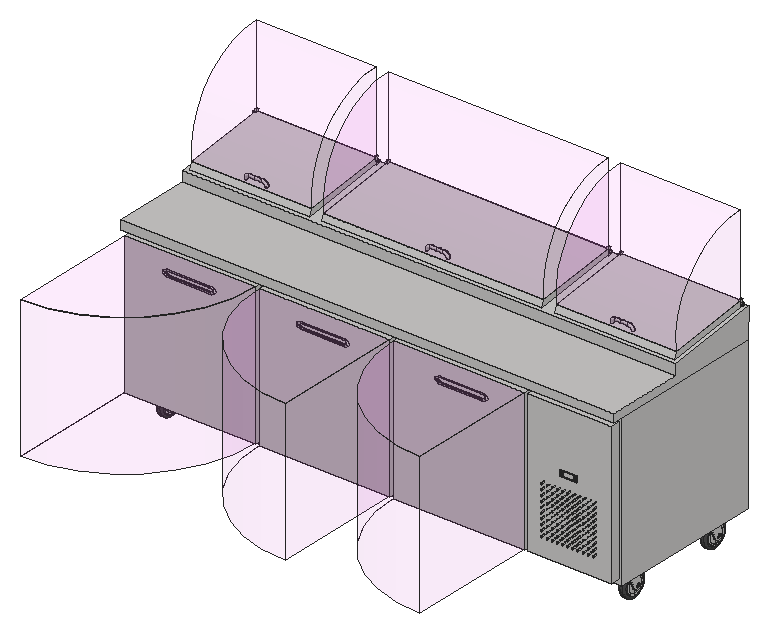
Revit family "QF_Kelvinator_738254_KCHPT92.12_3-Door_Pizza_Prep_Table_94_Long", category Specialty Equipment, Revit 2021 (continued)
Definition of nested family "KCHPT"
  Forms (in)
    Extrusion 42, solid
      sketch origin (78.25537, 0, 0) x (0, 1, 0) y (0, 0, -1)
        loop
          line (-30.86189, -33.03333) -> (-30.61189, -33.03333) -> (-30.61189, -6.78333) -> (-30.86189, -6.78333) -> (-30.86189, -33.03333)
      from 1.5672 to 25.76153
    Extrusion 43, solid
      sketch origin (78.25537, 0.25, 0) x (0, 1, 0) y (0, 0, -1)
        loop
          line (-30.86189, -33.03333) -> (-30.63499, -33.03333) -> (-30.63499, -6.78333) -> (-30.86189, -6.78333) -> (-30.86189, -33.03333)
      from 1.5672 to 25.76153
    Extrusion 44, solid
      sketch origin (78.25537, 0.40775, 0) x (0, 1, 0) y (0, 0, -1)
        loop
          line (-30.79275, -33.03333) -> (-30.65775, -33.03333) -> (-30.65775, -6.78333) -> (-30.79275, -6.78333) -> (-30.79275, -33.03333)
      from 1.5672 to 25.76153
    Sweep 45, solid
      path origin (8.15263, -29.19996, 32.23218) x (0, 0, -1) y (1, 0, 0)
        loop
          line (2.82291, 34.45318) -> (2.48479, 34.99418)
          arc (2.48479, 34.99418) -> (2.38541, 35.04926) -> (2.28604, 34.99418) r 0.11719
          line (2.28604, 34.99418) -> (1.94791, 34.45318) -> (1.94791, 26.10318) -> (2.28462, 25.56446)
          arc (2.28462, 25.56446) -> (2.38541, 25.50859) -> (2.48621, 25.56446) r 0.11887
          line (2.48621, 25.56446) -> (2.82291, 26.10318) -> (2.82291, 34.45318)
      profile origin (38.43081, -29.19996, 29.40927) x (0, 0, -1) y (0, -1, 0)
        loop
          line (0, 2.8) -> (0.25, 2.8)
          arc (0.25, 2.8) -> (0.125, 2.85269) -> (0, 2.8) r 0.17461
    Sweep 46, solid
      path origin (34.65263, -29.19996, 32.23218) x (0, 0, -1) y (1, 0, 0)
        loop
          line (2.82291, 34.45318) -> (2.48479, 34.99418)
          arc (2.48479, 34.99418) -> (2.38541, 35.04926) -> (2.28604, 34.99418) r 0.11719
          line (2.28604, 34.99418) -> (1.94791, 34.45318) -> (1.94791, 26.10318) -> (2.28462, 25.56446)
          arc (2.28462, 25.56446) -> (2.38541, 25.50859) -> (2.48621, 25.56446) r 0.11887
          line (2.48621, 25.56446) -> (2.82291, 26.10318) -> (2.82291, 34.45318)
      profile origin (64.93081, -29.19996, 29.40927) x (0, 0, -1) y (0, -1, 0)
        loop
          line (0, 2.8) -> (0.25, 2.8)
          arc (0.25, 2.8) -> (0.125, 2.85269) -> (0, 2.8) r 0.17461
    Extrusion 47, void
      sketch origin (8.15263, -31.99996, 32.23218) x (0, 0, 1) y (1, 0, 0)
        loop
          line (-1.94791, 26.10318) -> (-1.94791, 34.45318) -> (-2.28604, 34.99418)
          arc (-2.28604, 34.99418) -> (-2.38541, 35.04926) -> (-2.48479, 34.99418) r 0.11719
          line (-2.48479, 34.99418) -> (-2.82291, 34.45318) -> (-2.82291, 26.10318) -> (-2.48621, 25.56446)
          arc (-2.48621, 25.56446) -> (-2.38541, 25.50859) -> (-2.28462, 25.56446) r 0.11887
          line (-2.28462, 25.56446) -> (-1.94791, 26.10318)
      from 0 to 0.31887
    Extrusion 48, void
      sketch origin (34.65263, -31.99996, 32.23218) x (0, 0, 1) y (1, 0, 0)
        loop
          line (-1.94791, 26.10318) -> (-1.94791, 34.45318) -> (-2.28604, 34.99418)
          arc (-2.28604, 34.99418) -> (-2.38541, 35.04926) -> (-2.48479, 34.99418) r 0.11719
          line (-2.48479, 34.99418) -> (-2.82291, 34.45318) -> (-2.82291, 26.10318) -> (-2.48621, 25.56446)
          arc (-2.48621, 25.56446) -> (-2.38541, 25.50859) -> (-2.28462, 25.56446) r 0.11887
          line (-2.28462, 25.56446) -> (-1.94791, 26.10318)
      from 0 to 0.31887
    Extrusion 49, solid, visible <- "Show Clearance"
      sketch origin (0.80534, 0, 0) x (0, -1, 0) y (0, 0, 1)
        loop
          line (0.73136, 41.14536) -> (16.125, 39.11057)
          arc (16.125, 39.11057) -> (12.40826, 51.38033) -> (0.73136, 56.6729) r 15.52754
          line (0.73136, 56.6729) -> (0.73136, 41.14536)
      from 0 to -22.9
    Extrusion 50, solid, visible <- "Show Clearance"
      sketch origin (93.39466, 0, 0) x (0, -1, 0) y (0, 0, -1)
        loop
          line (0.73136, -41.14536) -> (0.73136, -56.6729)
          arc (0.73136, -56.6729) -> (12.40826, -51.38033) -> (16.125, -39.11057) r 15.52754
          line (16.125, -39.11057) -> (0.73136, -41.14536)
      from 0 to -22.9
    Extrusion 51, solid, visible <- "Show Clearance"
      sketch origin (48.89284, 0, 0) x (0, -1, 0) y (0, 0, -1)
        loop
          line (0.73136, -41.14536) -> (0.73136, -56.6729)
          arc (0.73136, -56.6729) -> (12.40826, -51.38033) -> (16.125, -39.11057) r 15.52754
          line (16.125, -39.11057) -> (0.73136, -41.14536)
      from 19.2 to -22.9
    Extrusion 52, solid, visible <- "Show Clearance"
      sketch origin (25.64679, -30.25, 6.4809) x (0, 1, 0) y (1, 0, 0)
        loop
          arc (-1.75, 0) -> (-19.42767, -7.32233) -> (-26.75, -25) r 25
          line (-26.75, -25) -> (-1.75, -25) -> (-1.75, 0)
        loop
          line (-1.75, 25.69547) -> (-26.75, 25.69547)
          arc (-26.75, 25.69547) -> (-19.42767, 8.0178) -> (-1.75, 0.69547) r 25
          line (-1.75, 0.69547) -> (-1.75, 25.69547)
        loop
          line (-1.75, 51.39547) -> (-26.75, 51.39547)
          arc (-26.75, 51.39547) -> (-19.42767, 33.7178) -> (-1.75, 26.39547) r 25
          line (-1.75, 26.39547) -> (-1.75, 51.39547)
      from 0 to -26.9
  Cuts and joins
    joined: Extrusion 4, Extrusion 5, Extrusion 6, Revolve 7, Sweep 8
    Extrusion 12 cuts Extrusion 9
    Extrusion 13 cuts Extrusion 2
    joined: Extrusion 15, Extrusion 16, Extrusion 17, Extrusion 18, Revolve 19, Revolve 20, Sweep 21
    Extrusion 35, Extrusion 47 cuts Extrusion 31
    Extrusion 47, Extrusion 48 cuts Extrusion 37
    Extrusion 48 cuts Extrusion 41
  Lines and regions (in)
    symbolic lines
      curve 1: line (0, 0, 0) -> (0, -32.25, 0)
      curve 2: line (0, -17.4, 0) -> (94.2, -17.4, 0)
      curve 3: line (94.2, -32.25, 0) -> (94.2, 0, 0)
      curve 4: line (94.2, 0, 0) -> (0, 0, 0)
      curve 5: line (0, -32.25, 0) -> (94.2, -32.25, 0)
      curve 6: line (0.80534, -16.62626, 0) -> (23.70534, -16.62626, 0)
      curve 7: line (0.80534, -16.125, 0) -> (23.70534, -16.125, 0)
      curve 8: line (0.80534, -0.97488, 0) -> (0.80534, -16.62626, 0)
      curve 9: line (23.70534, -16.62626, 0) -> (23.70534, -0.97488, 0)
      curve 10: line (0.6648, -0.93994, 0) -> (0.94588, -0.93994, 0)
      curve 11: line (0.6648, -0.88039, 0) -> (0.94588, -0.88039, 0)
      curve 12: line (0.6648, -0.58362, 0) -> (0.94588, -0.58362, 0)
      curve 13: line (0.6648, -0.48188, 0) -> (0.94588, -0.48188, 0)
      curve 14: line (0.94588, -0.97488, 0) -> (0.94588, -0.34814, 0)
      curve 15: line (0.6648, -0.34814, 0) -> (0.6648, -0.97818, 0)
      curve 16: line (23.5648, -0.73136, 0) -> (0.94588, -0.73136, 0)
      curve 17: line (0.2849, -0.62438, 0) -> (0.2849, -0.92764, 0)
      curve 18: line (0.2849, -0.92764, 0) -> (0.32057, -0.92764, 0)
      curve 19: line (0.2849, -0.62438, 0) -> (0.32057, -0.62438, 0)
      curve 20: line (0.32057, -0.57383, 0) -> (0.32057, -0.97818, 0)
      curve 21: line (0.6648, -0.97818, 0) -> (0.32057, -0.97818, 0)
      curve 22: line (0.32057, -0.57383, 0) -> (0.6648, -0.57383, 0)
      curve 23: line (0.6648, -0.97488, 0) -> (0.94588, -0.97488, 0)
      curve 24: line (23.84588, -0.93994, 0) -> (23.5648, -0.93994, 0)
      curve 25: line (23.84588, -0.88039, 0) -> (23.5648, -0.88039, 0)
      curve 26: line (23.84588, -0.58362, 0) -> (23.5648, -0.58362, 0)
      curve 27: line (23.84588, -0.48188, 0) -> (23.5648, -0.48188, 0)
      curve 28: line (23.5648, -0.97488, 0) -> (23.5648, -0.34814, 0)
      curve 29: line (23.84588, -0.34814, 0) -> (23.84588, -0.97818, 0)
      curve 30: line (24.22053, -0.62438, 0) -> (24.22053, -0.92764, 0)
      curve 31: line (24.22053, -0.92764, 0) -> (24.18485, -0.92764, 0)
      curve 32: line (24.22053, -0.62438, 0) -> (24.18485, -0.62438, 0)
      curve 33: line (24.18485, -0.57383, 0) -> (24.18485, -0.97818, 0)
      curve 34: line (23.84588, -0.97818, 0) -> (24.18485, -0.97818, 0)
      curve 35: line (24.18485, -0.57383, 0) -> (23.84588, -0.57383, 0)
      curve 36: line (23.84588, -0.97488, 0) -> (23.5648, -0.97488, 0)
      curve 37: spline (44.76594, -15.1981, 0) -> (44.77035, -15.15176, 0) -> (44.78343, -15.10705, 0) -> (44.8047, -15.06555, 0) -> (44.83343, -15.02873, 0) -> (44.8686, -14.99789, 0) -> (44.90896, -14.9741, 0) -> (44.95309, -14.95822, 0) -> (44.99945, -14.9508, 0) -> (45.04638, -14.95211, 0) -> (45.09224, -14.96209, 0) -> (45.13541, -14.9804, 0) -> (45.17436, -15.00639, 0)
      curve 38: arc (44.76594, -15.1981, 0) -> (44.8522, -15.40637, 0) -> (45.06045, -15.49263, 0) r 0.29451
      curve 39: line (47.01594, -15.04024, 0) -> (45.60503, -15.04024, 0)
      curve 40: arc (45.17436, -15.00639, 0) -> (45.38903, -15.03177, 0) -> (45.60503, -15.04024, 0) r 2.75609
      curve 41: line (47.01594, -15.54024, 0) -> (45.69931, -15.54024, 0)
      curve 42: arc (45.06045, -15.49263, 0) -> (45.37899, -15.52832, 0) -> (45.69931, -15.54024, 0) r 4.31013
      curve 43: spline (49.26593, -15.19777, 0) -> (49.26147, -15.15146, 0) -> (49.24835, -15.1068, 0) -> (49.22705, -15.06535, 0) -> (49.1983, -15.02858, 0) -> (49.16313, -14.99778, 0) -> (49.12278, -14.97404, 0) -> (49.07866, -14.9582, 0) -> (49.03232, -14.95081, 0) -> (48.98542, -14.95213, 0) -> (48.93958, -14.96211, 0) -> (48.89644, -14.98042, 0) -> (48.85751, -15.00639, 0)
      curve 44: arc (49.26593, -15.19777, 0) -> (49.1798, -15.40625, 0) -> (48.97142, -15.49263, 0) r 0.29451
      curve 45: line (47.01594, -15.04024, 0) -> (48.42685, -15.04024, 0)
      curve 46: arc (48.85751, -15.00639, 0) -> (48.64284, -15.03177, 0) -> (48.42685, -15.04024, 0) r 2.75609
      curve 47: line (47.01594, -15.54024, 0) -> (48.33256, -15.54024, 0)
      curve 48: arc (48.97142, -15.49263, 0) -> (48.65288, -15.52832, 0) -> (48.33256, -15.54024, 0) r 4.31013
      curve 49: line (0.94588, -0.71931, 0) -> (23.5648, -0.71931, 0)
      curve 50: line (23.5648, -0.54253, 0) -> (0.94588, -0.54253, 0)
      curve 51: line (0.94588, -0.44954, 0) -> (23.5648, -0.44954, 0)
      curve 52: spline (10.10052, -15.1981, 0) -> (10.10493, -15.15176, 0) -> (10.11801, -15.10705, 0) -> (10.13929, -15.06555, 0) -> (10.16801, -15.02873, 0) -> (10.20318, -14.99789, 0) -> (10.24354, -14.9741, 0) -> (10.28768, -14.95822, 0) -> (10.33403, -14.9508, 0) -> (10.38096, -14.95211, 0) -> (10.42682, -14.96209, 0) -> (10.46999, -14.9804, 0) -> (10.50895, -15.00639, 0)
      curve 53: arc (10.10052, -15.1981, 0) -> (10.18678, -15.40637, 0) -> (10.39503, -15.49263, 0) r 0.29451
      curve 54: line (12.35052, -15.04024, 0) -> (10.93961, -15.04024, 0)
      curve 55: arc (10.50895, -15.00639, 0) -> (10.72361, -15.03177, 0) -> (10.93961, -15.04024, 0) r 2.75609
      curve 56: line (12.35052, -15.54024, 0) -> (11.03389, -15.54024, 0)
      curve 57: arc (10.39503, -15.49263, 0) -> (10.71358, -15.52832, 0) -> (11.03389, -15.54024, 0) r 4.31013
      curve 58: spline (14.60051, -15.19777, 0) -> (14.59605, -15.15146, 0) -> (14.58293, -15.1068, 0) -> (14.56163, -15.06535, 0) -> (14.53288, -15.02858, 0) -> (14.49772, -14.99778, 0) -> (14.45736, -14.97404, 0) -> (14.41324, -14.9582, 0) -> (14.36691, -14.95081, 0) -> (14.32, -14.95213, 0) -> (14.27416, -14.96211, 0) -> (14.23102, -14.98042, 0) -> (14.19209, -15.00639, 0)
      curve 59: arc (14.60051, -15.19777, 0) -> (14.51438, -15.40625, 0) -> (14.306, -15.49263, 0) r 0.29451
      curve 60: line (12.35052, -15.04024, 0) -> (13.76143, -15.04024, 0)
      curve 61: arc (14.19209, -15.00639, 0) -> (13.97742, -15.03177, 0) -> (13.76143, -15.04024, 0) r 2.75609
      curve 62: line (12.35052, -15.54024, 0) -> (13.66715, -15.54024, 0)
      curve 63: arc (14.306, -15.49263, 0) -> (13.98746, -15.52832, 0) -> (13.66715, -15.54024, 0) r 4.31013
      curve 64: line (93.39466, -16.62626, 0) -> (70.49466, -16.62626, 0)
      curve 65: line (93.39466, -16.125, 0) -> (70.49466, -16.125, 0)
      curve 66: line (93.39466, -0.97488, 0) -> (93.39466, -16.62626, 0)
      curve 67: line (70.49466, -16.62626, 0) -> (70.49466, -0.97488, 0)
      curve 68: line (93.5352, -0.93994, 0) -> (93.25412, -0.93994, 0)
      curve 69: line (93.5352, -0.88039, 0) -> (93.25412, -0.88039, 0)
      curve 70: line (93.5352, -0.58362, 0) -> (93.25412, -0.58362, 0)
      curve 71: line (93.5352, -0.48188, 0) -> (93.25412, -0.48188, 0)
      curve 72: line (93.25412, -0.97488, 0) -> (93.25412, -0.34814, 0)
      curve 73: line (93.5352, -0.34814, 0) -> (93.5352, -0.97818, 0)
      curve 74: line (70.6352, -0.73136, 0) -> (93.25412, -0.73136, 0)
      curve 75: line (93.9151, -0.62438, 0) -> (93.9151, -0.92764, 0)
      curve 76: line (93.9151, -0.92764, 0) -> (93.87943, -0.92764, 0)
      curve 77: line (93.9151, -0.62438, 0) -> (93.87943, -0.62438, 0)
      curve 78: line (93.87943, -0.57383, 0) -> (93.87943, -0.97818, 0)
      curve 79: line (93.5352, -0.97818, 0) -> (93.87943, -0.97818, 0)
      curve 80: line (93.87943, -0.57383, 0) -> (93.5352, -0.57383, 0)
      curve 81: line (93.5352, -0.97488, 0) -> (93.25412, -0.97488, 0)
      curve 82: line (70.35412, -0.93994, 0) -> (70.6352, -0.93994, 0)
      curve 83: line (70.35412, -0.88039, 0) -> (70.6352, -0.88039, 0)
      curve 84: line (70.35412, -0.58362, 0) -> (70.6352, -0.58362, 0)
      curve 85: line (70.35412, -0.48188, 0) -> (70.6352, -0.48188, 0)
      curve 86: line (70.6352, -0.97488, 0) -> (70.6352, -0.34814, 0)
      curve 87: line (70.35412, -0.34814, 0) -> (70.35412, -0.97818, 0)
      curve 88: line (69.97947, -0.62438, 0) -> (69.97947, -0.92764, 0)
      curve 89: line (69.97947, -0.92764, 0) -> (70.01515, -0.92764, 0)
      curve 90: line (69.97947, -0.62438, 0) -> (70.01515, -0.62438, 0)
      curve 91: line (70.01515, -0.57383, 0) -> (70.01515, -0.97818, 0)
      curve 92: line (70.35412, -0.97818, 0) -> (70.01515, -0.97818, 0)
      curve 93: line (70.01515, -0.57383, 0) -> (70.35412, -0.57383, 0)
      curve 94: line (70.35412, -0.97488, 0) -> (70.6352, -0.97488, 0)
      curve 95: line (93.25412, -0.71931, 0) -> (70.6352, -0.71931, 0)
      curve 96: line (70.6352, -0.54253, 0) -> (93.25412, -0.54253, 0)
      curve 97: line (93.25412, -0.44954, 0) -> (70.6352, -0.44954, 0)
      curve 98: line (68.08758, -16.62626, 0) -> (25.99284, -16.62626, 0)
      curve 99: line (68.08758, -16.125, 0) -> (25.99284, -16.125, 0)
      curve 100: line (68.08758, -0.97488, 0) -> (68.08758, -16.62626, 0)
      curve 101: line (25.99284, -16.62626, 0) -> (25.99284, -0.97488, 0)
      curve 102: line (68.22812, -0.93994, 0) -> (67.94704, -0.93994, 0)
      curve 103: line (68.22812, -0.88039, 0) -> (67.94704, -0.88039, 0)
      curve 104: line (68.22812, -0.58362, 0) -> (67.94704, -0.58362, 0)
      curve 105: line (68.22812, -0.48188, 0) -> (67.94704, -0.48188, 0)
      curve 106: line (67.94704, -0.97488, 0) -> (67.94704, -0.34814, 0)
      curve 107: line (68.22812, -0.34814, 0) -> (68.22812, -0.97818, 0)
      curve 108: line (26.13338, -0.73136, 0) -> (67.94704, -0.73136, 0)
      curve 109: line (68.60803, -0.62438, 0) -> (68.60803, -0.92764, 0)
      curve 110: line (68.60803, -0.92764, 0) -> (68.57235, -0.92764, 0)
      curve 111: line (68.60803, -0.62438, 0) -> (68.57235, -0.62438, 0)
      curve 112: line (68.57235, -0.57383, 0) -> (68.57235, -0.97818, 0)
      curve 113: line (68.22812, -0.97818, 0) -> (68.57235, -0.97818, 0)
      curve 114: line (68.57235, -0.57383, 0) -> (68.22812, -0.57383, 0)
      curve 115: line (68.22812, -0.97488, 0) -> (67.94704, -0.97488, 0)
      curve 116: line (25.8523, -0.93994, 0) -> (26.13338, -0.93994, 0)
      curve 117: line (25.8523, -0.88039, 0) -> (26.13338, -0.88039, 0)
      curve 118: line (25.8523, -0.58362, 0) -> (26.13338, -0.58362, 0)
      curve 119: line (25.8523, -0.48188, 0) -> (26.13338, -0.48188, 0)
      curve 120: line (26.13338, -0.97488, 0) -> (26.13338, -0.34814, 0)
      curve 121: line (25.8523, -0.34814, 0) -> (25.8523, -0.97818, 0)
      curve 122: line (25.47766, -0.62438, 0) -> (25.47766, -0.92764, 0)
      curve 123: line (25.47766, -0.92764, 0) -> (25.51334, -0.92764, 0)
      curve 124: line (25.47766, -0.62438, 0) -> (25.51334, -0.62438, 0)
      curve 125: line (25.51334, -0.57383, 0) -> (25.51334, -0.97818, 0)
      curve 126: line (25.8523, -0.97818, 0) -> (25.51334, -0.97818, 0)
      curve 127: line (25.51334, -0.57383, 0) -> (25.8523, -0.57383, 0)
      curve 128: line (25.8523, -0.97488, 0) -> (26.13338, -0.97488, 0)
      curve 129: line (67.94704, -0.71931, 0) -> (26.13338, -0.71931, 0)
      curve 130: line (26.13338, -0.54253, 0) -> (67.94704, -0.54253, 0)
      curve 131: line (67.94704, -0.44954, 0) -> (26.13338, -0.44954, 0)
      curve 132: spline (80.09407, -15.1981, 0) -> (80.09848, -15.15176, 0) -> (80.11155, -15.10705, 0) -> (80.13283, -15.06555, 0) -> (80.16156, -15.02873, 0) -> (80.19672, -14.99789, 0) -> (80.23708, -14.9741, 0) -> (80.28122, -14.95822, 0) -> (80.32757, -14.9508, 0) -> (80.37451, -14.95211, 0) -> (80.42037, -14.96209, 0) -> (80.46353, -14.9804, 0) -> (80.50249, -15.00639, 0)
      curve 133: arc (80.09407, -15.1981, 0) -> (80.18032, -15.40637, 0) -> (80.38858, -15.49263, 0) r 0.29451
      curve 134: line (82.34406, -15.04024, 0) -> (80.93315, -15.04024, 0)
      curve 135: arc (80.50249, -15.00639, 0) -> (80.71716, -15.03177, 0) -> (80.93315, -15.04024, 0) r 2.75609
      curve 136: line (82.34406, -15.54024, 0) -> (81.02743, -15.54024, 0)
      curve 137: arc (80.38858, -15.49263, 0) -> (80.70712, -15.52832, 0) -> (81.02743, -15.54024, 0) r 4.31013
      curve 138: spline (84.59406, -15.19788, 0) -> (84.58961, -15.15156, 0) -> (84.57651, -15.10688, 0) -> (84.55522, -15.06542, 0) -> (84.52648, -15.02863, 0) -> (84.49131, -14.99782, 0) -> (84.45095, -14.97407, 0) -> (84.40683, -14.95821, 0) -> (84.36049, -14.95081, 0) -> (84.31357, -14.95212, 0) -> (84.26773, -14.96211, 0) -> (84.22457, -14.98041, 0) -> (84.18563, -15.00639, 0)
      curve 139: arc (84.59406, -15.19788, 0) -> (84.50788, -15.40629, 0) -> (84.29954, -15.49263, 0) r 0.29451
      curve 140: line (82.34406, -15.04024, 0) -> (83.75497, -15.04024, 0)
      curve 141: arc (84.18563, -15.00639, 0) -> (83.97097, -15.03177, 0) -> (83.75497, -15.04024, 0) r 2.75609
      curve 142: line (82.34406, -15.54024, 0) -> (83.66069, -15.54024, 0)
      curve 143: arc (84.29954, -15.49263, 0) -> (83.981, -15.52832, 0) -> (83.66069, -15.54024, 0) r 4.31013
    symbolic lines, visible <- "Show Clearance"
      curve 144: arc (25.64554, -32.25, 0) -> (24.76228, -38.59114, 0) -> (22.29743, -44.5, 0) r 25
      curve 145: line (1.0798, -32.25, 0) -> (22.29743, -44.5, 0)
      curve 146: arc (29.69163, -44.5, 0) -> (27.22677, -38.59114, 0) -> (26.34351, -32.25, 0) r 25
      curve 147: line (29.69163, -44.5, 0) -> (50.90925, -32.25, 0)
      curve 148: arc (55.39163, -44.5, 0) -> (52.92677, -38.59114, 0) -> (52.04351, -32.25, 0) r 25
      curve 149: line (55.39163, -44.5, 0) -> (76.60925, -32.25, 0)
  Dimensions and locks (in)
    equal spacing: plane 3 "LEFT", plane 7 "Center Y", plane 4 "RIGHT"
    "Length": plane 3 "LEFT" to plane 4 "RIGHT"
    equal spacing: plane 5 "FRONT", plane 8 "Center X", plane 1 "BACK"
    "Depth": plane 5 "FRONT" to plane 1 "BACK"
    "Height": plane 6 "TOP" to level
    plane 5 "FRONT" to plane 1 "BACK" = 32 1/4"
    plane 9 to plane 1 "BACK" = 58.9"
    plane 10 to plane 1 "BACK" = 17.4"
    plane 11 to plane 12 = 28.3"
    plane 13 to plane 11 = 5.9"
    plane 6 "TOP" to plane 12 = 35 1/2"
    plane 14 to plane 11 = 1.6"
    level to plane 15 = 5 1/2"
    plane 17 to plane 16 = 26.8"
    locked: plane 19 to plane 20 at 22.9
    locked: plane 21 to plane 18 at 42.1
    Extrusion 24 to Extrusion 24 = 22.9"
    plane 3 "LEFT" to plane 4 "RIGHT" = 94.2"
    aligned and locked: level to plane 2
    aligned and locked: Extrusion 14 to Extrusion 1
    aligned and locked: Extrusion 1 to plane 4 "RIGHT"
    aligned and locked: Extrusion 3 to plane 4 "RIGHT"
    aligned and locked: cut or joined group of Extrusion 15, Extrusion 16, Extrusion 17, Extrusion 18, Revolve 19, Revolve 20, Sweep 21 to plane 19
    aligned and locked: cut or joined group of Extrusion 15, Extrusion 16, Extrusion 17, Extrusion 18, Revolve 19, Revolve 20, Sweep 21 to plane 20
    aligned and locked: cut or joined group of Extrusion 4, Extrusion 5, Extrusion 6, Revolve 7, Sweep 8 to plane 18
  Automatic sketch dimensions
    Extrusion 1 sketch curve to plane 11 = 0"
    plane 15 to Extrusion 1 sketch curve = 0"
    Extrusion 1 sketch curve to plane 1 "BACK" = 0"
    Extrusion 1 sketch curve to plane 5 "FRONT" = 2"
    Extrusion 1 to Extrusion 2 sketch curve = 0.95244"
    Extrusion 2 sketch curve to Extrusion 1 = 0.9809"
    Extrusion 1 to Extrusion 2 sketch curve = 16.52892"
    Extrusion 1 to Extrusion 2 sketch curve = 0.57697"
    Extrusion 3 sketch curve to plane 5 "FRONT" = 0"
    Extrusion 3 sketch curve to plane 10 = 0"
    Extrusion 3 sketch curve to plane 1 "BACK" = 0"
    Extrusion 3 sketch curve to plane 11 = 0"
    Extrusion 3 sketch curve to plane 14 = 0"
    Extrusion 3 sketch curve to plane 13 = 0"
    Extrusion 3 sketch curve to Extrusion 3 sketch curve = 2"
    Extrusion 4 sketch curve to plane 8 "Center X" = 0"
    Extrusion 4 sketch curve to plane 8 "Center X" = 0.50126"
    Extrusion 4 sketch curve to plane 6 "TOP" = 0.38798"
    plane 1 "BACK" to Extrusion 4 sketch curve = 0.73136"
    Extrusion 4 sketch curve to plane 13 = 0.07935"
    plane 1 "BACK" to Extrusion 4 sketch curve = 0.60032"
    Extrusion 5 sketch curve to plane 13 = 0.07935"
    plane 1 "BACK" to Extrusion 5 sketch curve = 0.60032"
    plane 1 "BACK" to Extrusion 5 sketch curve = 0.54253"
    Extrusion 5 sketch curve to plane 13 = 0.05942"
    Extrusion 5 sketch curve to Extrusion 5 sketch curve = 0.15078"
    Extrusion 5 sketch curve to plane 6 "TOP" = 0.47918"
    Extrusion 5 sketch curve to Extrusion 5 sketch curve = 0.17678"
    Extrusion 6 sketch curve to plane 6 "TOP" = 0"
    Extrusion 6 sketch curve to plane 6 "TOP" = 0.4535"
    plane 1 "BACK" to Extrusion 6 sketch curve = 0.97488"
    Extrusion 6 sketch curve to Extrusion 6 sketch curve = 0.03494"
    Extrusion 6 sketch curve to plane 6 "TOP" = 0.10315"
    Extrusion 6 sketch curve to Extrusion 6 sketch curve = 0.05955"
    Extrusion 6 sketch curve to plane 13 = 0.14487"
    plane 1 "BACK" to Extrusion 6 sketch curve = 0.84383"
    Extrusion 6 sketch curve to Extrusion 6 sketch curve = 0.24784"
    Extrusion 6 sketch curve to plane 6 "TOP" = 0.30034"
    Extrusion 6 sketch curve to Extrusion 6 sketch curve = 0.03226"
    Extrusion 6 sketch curve to plane 6 "TOP" = 0.26026"
    Extrusion 6 sketch curve to Extrusion 6 sketch curve = 0.04008"
    Extrusion 6 sketch curve to Extrusion 6 sketch curve = 0.05475"
    Extrusion 6 sketch curve to plane 6 "TOP" = 0.25129"
    Extrusion 6 sketch curve to Extrusion 6 sketch curve = 0.03347"
    Extrusion 6 sketch curve to plane 6 "TOP" = 0.06671"
    Extrusion 6 sketch curve to Extrusion 6 sketch curve = 0.0376"
    Extrusion 6 sketch curve to plane 6 "TOP" = 0.16845"
    Extrusion 6 sketch curve to Extrusion 6 sketch curve = 0.10174"
    Extrusion 6 sketch curve to plane 13 = 0.07935"
    Extrusion 6 sketch curve to plane 6 "TOP" = 0.45216"
    Extrusion 6 sketch curve to Extrusion 6 sketch curve = 0.12039"
    Revolve 7 sketch curve to plane 6 "TOP" = 67/128"
    Revolve 7 sketch curve to Revolve 7 sketch curve = 0.05054"
    Revolve 7 sketch curve to Revolve 7 sketch curve = 0.15163"
    Revolve 7 sketch curve to plane 18 = 0.13528"
    Revolve 7 sketch curve to Revolve 7 sketch curve = 0.34423"
    Revolve 7 sketch curve to Revolve 7 sketch curve = 0.03568"
    Revolve 7 sketch curve to Revolve 7 sketch curve = 0"  (x2)
    Revolve 7 sketch curve to Revolve 7 sketch curve = 0.18136"
    Sweep 8 sketch curve to plane 7 "Center Y" = 0.08824"
    Sweep 8 sketch curve to Sweep 8 sketch curve = 3/4"  (x2)
    Sweep 8 sketch curve to Sweep 8 sketch curve = 1 1/4"
    plane 7 "Center Y" to Sweep 8 sketch curve = 1.16176"
    Sweep 8 sketch curve to Sweep 8 sketch curve = 3/16"  (x2)
    profile plane to Sweep 8 sketch curve = 0"  (x2)
    Extrusion 9 sketch curve to plane 19 = 6.37105"
    Extrusion 9 sketch curve to Extrusion 9 sketch curve = 0.07874"  (x3)
    Extrusion 9 sketch curve to Extrusion 9 sketch curve = 0"  (x7)
    Extrusion 9 sketch curve to Extrusion 9 sketch curve = 0.3937"  (x2)
    Extrusion 9 sketch curve to Extrusion 9 sketch curve = 0.07748"  (x3)
    Extrusion 9 sketch curve to Extrusion 9 sketch curve = 2.04976"
    plane 16 to Extrusion 9 sketch curve = 12.1219"
    Extrusion 9 sketch curve to Extrusion 9 sketch curve = 0.07665"  (x3)
    Extrusion 9 sketch curve to Extrusion 9 sketch curve = 1/256"
    Extrusion 9 sketch curve to Extrusion 9 sketch curve = 0.31914"  (x6)
    Extrusion 9 sketch curve to Extrusion 9 sketch curve = 0.03519"  (x4)
    Extrusion 9 to Extrusion 10 sketch curve = 0"  (x10)
    Extrusion 10 sketch curve to Extrusion 9 = 0"  (x14)
    Extrusion 11 sketch curve to Extrusion 9 = 0"  (x3)
    Extrusion 9 to Extrusion 11 sketch curve = 0"
    Extrusion 12 sketch curve to plane 19 = 6.37105"
    Extrusion 12 sketch curve to Extrusion 12 sketch curve = 3.14961"
    plane 16 to Extrusion 12 sketch curve = 12.1219"
    Extrusion 12 sketch curve to Extrusion 12 sketch curve = 1.1811"
    Extrusion 2 to Extrusion 13 sketch curve = 3.29251"  (x3)
    Extrusion 13 sketch curve to Extrusion 13 sketch curve = 0"  (x9)
    Extrusion 13 sketch curve to Extrusion 13 sketch curve = 0.10401"  (x596)
    Extrusion 13 sketch curve to Extrusion 13 sketch curve = 0.3223"  (x148)
    Extrusion 13 sketch curve to Extrusion 13 sketch curve = 0.53033"  (x10)
    Extrusion 13 sketch curve to Extrusion 13 sketch curve = 0.26164"  (x132)
    Extrusion 2 to Extrusion 13 sketch curve = 2.57716"  (x9)
    Extrusion 2 to Extrusion 13 sketch curve = 2.93821"  (x9)
    Extrusion 2 to Extrusion 13 sketch curve = 3.10749"  (x9)
    Extrusion 2 to Extrusion 13 sketch curve = 3.57716"  (x8)
    Extrusion 2 to Extrusion 13 sketch curve = 3.46854"  (x8)
    Extrusion 2 to Extrusion 13 sketch curve = 2.73018"  (x8)
    Extrusion 2 to Extrusion 13 sketch curve = 3.93821"  (x8)
    Extrusion 2 to Extrusion 13 sketch curve = 2.78518"  (x7)
    Extrusion 2 to Extrusion 13 sketch curve = 3.31551"  (x7)
    Extrusion 2 to Extrusion 13 sketch curve = 4.10749"  (x7)
    Extrusion 2 to Extrusion 13 sketch curve = 3.26051"  (x6)
    Extrusion 2 to Extrusion 13 sketch curve = 4.46854"  (x6)
    Extrusion 2 to Extrusion 13 sketch curve = 4.57716"  (x6)
    Extrusion 2 to Extrusion 13 sketch curve = 3.73018"  (x6)
    Extrusion 2 to Extrusion 13 sketch curve = 4.93821"  (x6)
    Extrusion 2 to Extrusion 13 sketch curve = 5.10749"  (x6)
    Extrusion 2 to Extrusion 13 sketch curve = 3.78518"  (x5)
    Extrusion 2 to Extrusion 13 sketch curve = 5.54591"  (x5)
    Extrusion 2 to Extrusion 13 sketch curve = 5.46854"  (x5)
    Extrusion 2 to Extrusion 13 sketch curve = 4.31551"  (x5)
    Extrusion 2 to Extrusion 13 sketch curve = 5.93821"  (x5)
    Extrusion 2 to Extrusion 13 sketch curve = 4.26051"  (x4)
    Extrusion 2 to Extrusion 13 sketch curve = 4.73018"  (x4)
    Extrusion 2 to Extrusion 13 sketch curve = 6.07624"  (x4)
    Extrusion 2 to Extrusion 13 sketch curve = 4.78518"  (x3)
    Extrusion 2 to Extrusion 13 sketch curve = 6.46854"  (x3)
    Extrusion 2 to Extrusion 13 sketch curve = 6.51466"  (x3)
    Extrusion 2 to Extrusion 13 sketch curve = 5.31551"  (x3)
    Extrusion 2 to Extrusion 13 sketch curve = 6.90696"  (x3)
    Extrusion 2 to Extrusion 13 sketch curve = 7.04499"  (x3)
    Extrusion 2 to Extrusion 13 sketch curve = 5.26051"  (x2)
    Extrusion 2 to Extrusion 13 sketch curve = 7.43729"  (x2)
    Extrusion 2 to Extrusion 13 sketch curve = 7.51466"  (x2)
    Extrusion 2 to Extrusion 13 sketch curve = 5.73018"  (x2)
    Extrusion 2 to Extrusion 13 sketch curve = 7.90696"  (x2)
    Extrusion 2 to Extrusion 13 sketch curve = 5.75393"
    Extrusion 2 to Extrusion 13 sketch curve = 6.28426"
    Extrusion 13 sketch curve to Extrusion 13 sketch curve = 0.23039"  (x19)
    Extrusion 14 sketch curve to Extrusion 1 = 1.18418"
    Extrusion 14 sketch curve to Extrusion 1 = 47.1"
    Extrusion 15 sketch curve to plane 8 "Center X" = 0"
    Extrusion 15 sketch curve to plane 8 "Center X" = 0.50126"
    Extrusion 15 sketch curve to plane 6 "TOP" = 0.38798"
    plane 1 "BACK" to Extrusion 15 sketch curve = 0.73136"
    Extrusion 15 sketch curve to plane 13 = 0.07935"
    plane 1 "BACK" to Extrusion 15 sketch curve = 0.60032"
    Extrusion 16 sketch curve to plane 13 = 0.07935"
    plane 1 "BACK" to Extrusion 16 sketch curve = 0.60032"
    plane 1 "BACK" to Extrusion 16 sketch curve = 0.54253"
    Extrusion 16 sketch curve to plane 13 = 0.05942"
    Extrusion 16 sketch curve to Extrusion 16 sketch curve = 0.15078"
    Extrusion 16 sketch curve to plane 6 "TOP" = 0.47918"
    Extrusion 16 sketch curve to Extrusion 16 sketch curve = 0.17678"
    Extrusion 17 sketch curve to plane 6 "TOP" = 0"
    Extrusion 17 sketch curve to plane 6 "TOP" = 0.4535"
    plane 1 "BACK" to Extrusion 17 sketch curve = 0.97488"
    Extrusion 17 sketch curve to Extrusion 17 sketch curve = 0.03494"
    Extrusion 17 sketch curve to plane 6 "TOP" = 0.10315"
    Extrusion 17 sketch curve to Extrusion 17 sketch curve = 0.05955"
    Extrusion 17 sketch curve to plane 13 = 0.14487"
    plane 1 "BACK" to Extrusion 17 sketch curve = 0.84383"
    Extrusion 17 sketch curve to Extrusion 17 sketch curve = 0.24784"
    Extrusion 17 sketch curve to plane 6 "TOP" = 0.30034"
    Extrusion 17 sketch curve to Extrusion 17 sketch curve = 0.03226"
    Extrusion 17 sketch curve to plane 6 "TOP" = 0.26026"
    Extrusion 17 sketch curve to Extrusion 17 sketch curve = 0.04008"
    Extrusion 17 sketch curve to Extrusion 17 sketch curve = 0.01467"
    Extrusion 17 sketch curve to plane 6 "TOP" = 0.25129"
    Extrusion 17 sketch curve to Extrusion 17 sketch curve = 0.03347"
    Extrusion 17 sketch curve to plane 6 "TOP" = 0.06671"
    Extrusion 17 sketch curve to Extrusion 17 sketch curve = 0.0376"
    Extrusion 17 sketch curve to plane 6 "TOP" = 0.16845"
    Extrusion 17 sketch curve to Extrusion 17 sketch curve = 0.10174"
    Extrusion 17 sketch curve to plane 13 = 0.07935"
    Extrusion 17 sketch curve to plane 6 "TOP" = 0.45216"
    Extrusion 17 sketch curve to Extrusion 17 sketch curve = 0.12039"
    Extrusion 18 sketch curve to plane 6 "TOP" = 0"
    Extrusion 18 sketch curve to plane 6 "TOP" = 0.4535"
    plane 1 "BACK" to Extrusion 18 sketch curve = 0.97488"
    Extrusion 18 sketch curve to Extrusion 18 sketch curve = 0.03494"
    Extrusion 18 sketch curve to plane 6 "TOP" = 0.10315"
    Extrusion 18 sketch curve to Extrusion 18 sketch curve = 0.05955"
    Extrusion 18 sketch curve to plane 13 = 0.14487"
    plane 1 "BACK" to Extrusion 18 sketch curve = 0.84383"
    Extrusion 18 sketch curve to Extrusion 18 sketch curve = 0.24784"
    Extrusion 18 sketch curve to plane 6 "TOP" = 0.30034"
    Extrusion 18 sketch curve to Extrusion 18 sketch curve = 0.03226"
    Extrusion 18 sketch curve to plane 6 "TOP" = 0.26026"
    Extrusion 18 sketch curve to Extrusion 18 sketch curve = 0.04008"
    Extrusion 18 sketch curve to Extrusion 18 sketch curve = 0.01467"
    Extrusion 18 sketch curve to plane 6 "TOP" = 0.25129"
    Extrusion 18 sketch curve to Extrusion 18 sketch curve = 0.03347"
    Extrusion 18 sketch curve to plane 6 "TOP" = 0.06671"
    Extrusion 18 sketch curve to Extrusion 18 sketch curve = 0.0376"
    Extrusion 18 sketch curve to plane 6 "TOP" = 0.16845"
    Extrusion 18 sketch curve to Extrusion 18 sketch curve = 0.10174"
    Extrusion 18 sketch curve to plane 13 = 0.07935"
    Extrusion 18 sketch curve to plane 6 "TOP" = 0.45216"
    Extrusion 18 sketch curve to Extrusion 18 sketch curve = 0.12039"
    Revolve 19 sketch curve to plane 6 "TOP" = 67/128"
    Revolve 19 sketch curve to Revolve 19 sketch curve = 0.05054"
    Revolve 19 sketch curve to Revolve 19 sketch curve = 0.15163"
    plane 19 to Revolve 19 sketch curve = 0.14054"
    plane 4 "RIGHT" to Revolve 19 sketch curve = 0.32057"
    Revolve 19 sketch curve to Revolve 19 sketch curve = 0.03568"
    Revolve 19 sketch curve to Revolve 19 sketch curve = 0"  (x2)
    plane 4 "RIGHT" to Revolve 19 sketch curve = 0.10353"
    Revolve 20 sketch curve to plane 6 "TOP" = 67/128"
    Revolve 20 sketch curve to Revolve 20 sketch curve = 0.05054"
    Revolve 20 sketch curve to Revolve 20 sketch curve = 0.15163"
    Revolve 20 sketch curve to plane 20 = 0.51518"
    Revolve 20 sketch curve to Revolve 20 sketch curve = 0.03568"
    Revolve 20 sketch curve to plane 20 = 0.13528"
    Revolve 20 sketch curve to Revolve 20 sketch curve = 0"  (x2)
    Revolve 20 sketch curve to Revolve 20 sketch curve = 0.18136"
    Sweep 21 sketch curve to plane 19 = 11.04947"
    Sweep 21 sketch curve to Sweep 21 sketch curve = 3/4"  (x2)
    Sweep 21 sketch curve to Sweep 21 sketch curve = 1 1/4"  (x2)
    Sweep 21 sketch curve to Sweep 21 sketch curve = 3/16"  (x2)
    Sweep 21 sketch curve to profile plane = 0"
    profile plane to Sweep 21 sketch curve = 0"
    Extrusion 22 sketch curve to plane 6 "TOP" = 0"
    Extrusion 22 sketch curve to plane 6 "TOP" = 0.4535"
    plane 1 "BACK" to Extrusion 22 sketch curve = 0.97488"
    Extrusion 22 sketch curve to Extrusion 22 sketch curve = 0.03494"
    Extrusion 22 sketch curve to plane 6 "TOP" = 0.10315"
    Extrusion 22 sketch curve to Extrusion 22 sketch curve = 0.05955"
    Extrusion 22 sketch curve to plane 13 = 0.14487"
    plane 1 "BACK" to Extrusion 22 sketch curve = 0.84383"
    Extrusion 22 sketch curve to Extrusion 22 sketch curve = 0.24784"
    Extrusion 22 sketch curve to plane 6 "TOP" = 0.30034"
    Extrusion 22 sketch curve to Extrusion 22 sketch curve = 0.03226"
    Extrusion 22 sketch curve to plane 6 "TOP" = 0.26026"
    Extrusion 22 sketch curve to Extrusion 22 sketch curve = 0.04008"
    Extrusion 22 sketch curve to Extrusion 22 sketch curve = 0.05475"
    Extrusion 22 sketch curve to plane 6 "TOP" = 0.25129"
    Extrusion 22 sketch curve to Extrusion 22 sketch curve = 0.03347"
    Extrusion 22 sketch curve to plane 6 "TOP" = 0.06671"
    Extrusion 22 sketch curve to Extrusion 22 sketch curve = 0.0376"
    Extrusion 22 sketch curve to plane 6 "TOP" = 0.16845"
    Extrusion 22 sketch curve to Extrusion 22 sketch curve = 0.10174"
    Extrusion 22 sketch curve to plane 13 = 0.07935"
    Extrusion 22 sketch curve to plane 6 "TOP" = 0.45216"
    Extrusion 22 sketch curve to Extrusion 22 sketch curve = 0.12039"
    Revolve 23 sketch curve to plane 6 "TOP" = 67/128"
    Revolve 23 sketch curve to Revolve 23 sketch curve = 0.05054"
    Revolve 23 sketch curve to Revolve 23 sketch curve = 0.15163"
    plane 21 to Revolve 23 sketch curve = 0.51518"
    Revolve 23 sketch curve to Revolve 23 sketch curve = 0.03568"
    plane 21 to Revolve 23 sketch curve = 0.13528"
    Revolve 23 sketch curve to Revolve 23 sketch curve = 0"  (x2)
    Revolve 23 sketch curve to Revolve 23 sketch curve = 0.18136"
    Extrusion 24 sketch curve to plane 8 "Center X" = 0"
    Extrusion 24 sketch curve to plane 8 "Center X" = 0.50126"
    Extrusion 24 sketch curve to plane 6 "TOP" = 0.38798"
    plane 1 "BACK" to Extrusion 24 sketch curve = 0.73136"
    Extrusion 24 sketch curve to plane 13 = 0.07935"
    plane 1 "BACK" to Extrusion 24 sketch curve = 0.60032"
    Extrusion 25 sketch curve to plane 13 = 0.07935"
    plane 1 "BACK" to Extrusion 25 sketch curve = 0.60032"
    plane 1 "BACK" to Extrusion 25 sketch curve = 0.54253"
    Extrusion 25 sketch curve to plane 13 = 0.05942"
    Extrusion 25 sketch curve to Extrusion 25 sketch curve = 0.15078"
    Extrusion 25 sketch curve to plane 6 "TOP" = 0.47918"
    Extrusion 25 sketch curve to Extrusion 25 sketch curve = 0.17678"
    Extrusion 26 sketch curve to plane 6 "TOP" = 0"
    Extrusion 26 sketch curve to plane 6 "TOP" = 0.4535"
    plane 1 "BACK" to Extrusion 26 sketch curve = 0.97488"
    Extrusion 26 sketch curve to Extrusion 26 sketch curve = 0.03494"
    Extrusion 26 sketch curve to plane 6 "TOP" = 0.10315"
    Extrusion 26 sketch curve to Extrusion 26 sketch curve = 0.05955"
    Extrusion 26 sketch curve to plane 13 = 0.14487"
    plane 1 "BACK" to Extrusion 26 sketch curve = 0.84383"
    Extrusion 26 sketch curve to Extrusion 26 sketch curve = 0.24784"
    Extrusion 26 sketch curve to plane 6 "TOP" = 0.30034"
    Extrusion 26 sketch curve to Extrusion 26 sketch curve = 0.03226"
    Extrusion 26 sketch curve to plane 6 "TOP" = 0.26026"
    Extrusion 26 sketch curve to Extrusion 26 sketch curve = 0.04008"
    Extrusion 26 sketch curve to Extrusion 26 sketch curve = 0.05475"
    Extrusion 26 sketch curve to plane 6 "TOP" = 0.25129"
    Extrusion 26 sketch curve to Extrusion 26 sketch curve = 0.03347"
    Extrusion 26 sketch curve to plane 6 "TOP" = 0.06671"
    Extrusion 26 sketch curve to Extrusion 26 sketch curve = 0.0376"
    Extrusion 26 sketch curve to plane 6 "TOP" = 0.16845"
    Extrusion 26 sketch curve to Extrusion 26 sketch curve = 0.10174"
    Extrusion 26 sketch curve to plane 13 = 0.07935"
    Extrusion 26 sketch curve to plane 6 "TOP" = 0.45216"
    Extrusion 26 sketch curve to Extrusion 26 sketch curve = 0.12039"
    Extrusion 27 sketch curve to plane 6 "TOP" = 0"
    Extrusion 27 sketch curve to plane 6 "TOP" = 0.4535"
    plane 1 "BACK" to Extrusion 27 sketch curve = 0.97488"
    Extrusion 27 sketch curve to Extrusion 27 sketch curve = 0.03494"
    Extrusion 27 sketch curve to plane 6 "TOP" = 0.10315"
    Extrusion 27 sketch curve to Extrusion 27 sketch curve = 0.05955"
    Extrusion 27 sketch curve to plane 13 = 0.14487"
    plane 1 "BACK" to Extrusion 27 sketch curve = 0.84383"
    Extrusion 27 sketch curve to Extrusion 27 sketch curve = 0.24784"
    Extrusion 27 sketch curve to plane 6 "TOP" = 0.30034"
    Extrusion 27 sketch curve to Extrusion 27 sketch curve = 0.03226"
    Extrusion 27 sketch curve to plane 6 "TOP" = 0.26026"
    Extrusion 27 sketch curve to Extrusion 27 sketch curve = 0.04008"
    Extrusion 27 sketch curve to Extrusion 27 sketch curve = 0.01467"
    Extrusion 27 sketch curve to plane 6 "TOP" = 0.25129"
    Extrusion 27 sketch curve to Extrusion 27 sketch curve = 0.03347"
    Extrusion 27 sketch curve to plane 6 "TOP" = 0.06671"
    Extrusion 27 sketch curve to Extrusion 27 sketch curve = 0.0376"
    Extrusion 27 sketch curve to plane 6 "TOP" = 0.16845"
    Extrusion 27 sketch curve to Extrusion 27 sketch curve = 0.10174"
    Extrusion 27 sketch curve to plane 13 = 0.07935"
    Extrusion 27 sketch curve to plane 6 "TOP" = 0.45216"
    Extrusion 27 sketch curve to Extrusion 27 sketch curve = 0.12039"
    Revolve 28 sketch curve to plane 6 "TOP" = 67/128"
    Revolve 28 sketch curve to Revolve 28 sketch curve = 0.05054"
    Revolve 28 sketch curve to Revolve 28 sketch curve = 0.15163"
    plane 3 "LEFT" to Revolve 28 sketch curve = 0.2849"
    Revolve 28 sketch curve to Revolve 28 sketch curve = 0.03568"
    Revolve 28 sketch curve to Revolve 28 sketch curve = 0.34423"
    Revolve 28 sketch curve to Revolve 28 sketch curve = 0"  (x2)
    plane 3 "LEFT" to Revolve 28 sketch curve = 0.10353"
    Revolve 29 sketch curve to plane 6 "TOP" = 67/128"
    Revolve 29 sketch curve to Revolve 29 sketch curve = 0.05054"
    Revolve 29 sketch curve to Revolve 29 sketch curve = 0.15163"
    plane 21 to Revolve 29 sketch curve = 2.14617"
    Revolve 29 sketch curve to Revolve 29 sketch curve = 0.33817"
    Revolve 29 sketch curve to Revolve 29 sketch curve = 0.03568"
    Revolve 29 sketch curve to Revolve 29 sketch curve = 0"
    Revolve 29 sketch curve to Revolve 29 sketch curve = 0.00606"
    Revolve 29 sketch curve to Revolve 29 sketch curve = 0.18136"
    plane 3 "LEFT" to Sweep 30 sketch curve = 12.35482"
    Sweep 30 sketch curve to Sweep 30 sketch curve = 3/4"  (x2)
    Sweep 30 sketch curve to Sweep 30 sketch curve = 1 1/4"  (x2)
    Sweep 30 sketch curve to Sweep 30 sketch curve = 3/16"  (x2)
    profile plane to Sweep 30 sketch curve = 0"  (x2)
    plane 16 to Extrusion 31 sketch curve = 0.20244"
    plane 17 to Extrusion 31 sketch curve = 0.30244"
    plane 3 "LEFT" to Extrusion 31 sketch curve = 0.64679"
    plane 21 to Extrusion 31 sketch curve = 0.34605"
    Extrusion 32 sketch curve to plane 17 = 0"
    plane 16 to Extrusion 32 sketch curve = 0.55"
    Extrusion 32 sketch curve to plane 5 "FRONT" = 1.38811"
    Extrusion 32 sketch curve to Extrusion 32 sketch curve = 1/4"
    Extrusion 33 sketch curve to plane 17 = 0"
    plane 16 to Extrusion 33 sketch curve = 0.55"
    Extrusion 33 sketch curve to plane 5 "FRONT" = 1.63811"
    Extrusion 33 sketch curve to Extrusion 33 sketch curve = 0.2269"
    Extrusion 34 sketch curve to plane 17 = 0"
    plane 16 to Extrusion 34 sketch curve = 0.55"
    Extrusion 34 sketch curve to plane 5 "FRONT" = 1.86501"
    Extrusion 34 sketch curve to Extrusion 34 sketch curve = 0.13499"
    plane 16 to Extrusion 35 sketch curve = 4.17406"
    Extrusion 35 sketch curve to Extrusion 35 sketch curve = 0.3367"
    Extrusion 35 sketch curve to Extrusion 35 sketch curve = 0.33813"  (x2)
    Extrusion 35 sketch curve to Extrusion 35 sketch curve = 0.09937"  (x2)
    Extrusion 35 sketch curve to Extrusion 35 sketch curve = 0.1008"  (x2)
    plane 3 "LEFT" to Extrusion 35 sketch curve = 8.21709"
    Extrusion 35 sketch curve to Extrusion 35 sketch curve = 0.063"
    Extrusion 35 sketch curve to Extrusion 35 sketch curve = 0.53872"  (x2)
    Extrusion 35 sketch curve to Extrusion 35 sketch curve = 8.35"
    Extrusion 35 sketch curve to Extrusion 35 sketch curve = 0"
    Extrusion 35 sketch curve to Extrusion 35 sketch curve = 0.47889"
    Extrusion 35 sketch curve to Extrusion 35 sketch curve = 0.06211"
    plane 16 to Sweep 36 sketch curve = 3.29906"
    Sweep 36 sketch curve to Sweep 36 sketch curve = 0.3367"
    Sweep 36 sketch curve to Sweep 36 sketch curve = 0.33813"  (x2)
    Sweep 36 sketch curve to Sweep 36 sketch curve = 0.09937"  (x2)
    Sweep 36 sketch curve to Sweep 36 sketch curve = 0.1008"  (x2)
    plane 3 "LEFT" to Sweep 36 sketch curve = 8.21709"
    Sweep 36 sketch curve to Sweep 36 sketch curve = 0.063"
    Sweep 36 sketch curve to Sweep 36 sketch curve = 0.53872"  (x2)
    Sweep 36 sketch curve to Sweep 36 sketch curve = 8.35"
    Sweep 36 sketch curve to Sweep 36 sketch curve = 0"
    Sweep 36 sketch curve to Sweep 36 sketch curve = 0.47889"
    Sweep 36 sketch curve to Sweep 36 sketch curve = 0.06211"
    Sweep 36 sketch curve to profile plane = 0"
    Sweep 36 sketch curve to profile plane = 1/8"
    profile plane to Sweep 36 sketch curve = 2.67809"
    Sweep 36 sketch curve to Sweep 36 sketch curve = 0.12191"
    plane 16 to Extrusion 37 sketch curve = 0.20244"
    plane 17 to Extrusion 37 sketch curve = 0.30244"
    Extrusion 37 sketch curve to plane 21 = 0.34942"
    plane 22 to Extrusion 37 sketch curve = 1.26632"
    plane 17 to Extrusion 38 sketch curve = 0"
    plane 16 to Extrusion 38 sketch curve = 0.55"
    Extrusion 38 sketch curve to plane 5 "FRONT" = 1.38811"
    Extrusion 38 sketch curve to Extrusion 38 sketch curve = 1/4"
    plane 17 to Extrusion 39 sketch curve = 0"
    plane 16 to Extrusion 39 sketch curve = 0.55"
    Extrusion 39 sketch curve to plane 5 "FRONT" = 1.63811"
    Extrusion 39 sketch curve to Extrusion 39 sketch curve = 0.2269"
    plane 17 to Extrusion 40 sketch curve = 0"
    plane 16 to Extrusion 40 sketch curve = 0.55"
    Extrusion 40 sketch curve to plane 5 "FRONT" = 1.86501"
    Extrusion 40 sketch curve to Extrusion 40 sketch curve = 0.13499"
    plane 16 to Extrusion 41 sketch curve = 0.20244"
    plane 17 to Extrusion 41 sketch curve = 0.30244"
    plane 22 to Extrusion 41 sketch curve = 0.56632"
    plane 20 to Extrusion 41 sketch curve = 6.54761"
    plane 17 to Extrusion 42 sketch curve = 0"
    plane 16 to Extrusion 42 sketch curve = 0.55"
    Extrusion 42 sketch curve to plane 5 "FRONT" = 1.38811"
    Extrusion 42 sketch curve to Extrusion 42 sketch curve = 1/4"
    plane 17 to Extrusion 43 sketch curve = 0"
    plane 16 to Extrusion 43 sketch curve = 0.55"
    Extrusion 43 sketch curve to plane 5 "FRONT" = 1.63811"
    Extrusion 43 sketch curve to Extrusion 43 sketch curve = 0.2269"
    plane 17 to Extrusion 44 sketch curve = 0"
    plane 16 to Extrusion 44 sketch curve = 0.55"
    Extrusion 44 sketch curve to plane 5 "FRONT" = 1.86501"
    Extrusion 44 sketch curve to Extrusion 44 sketch curve = 0.13499"
    plane 16 to Sweep 45 sketch curve = 3.29906"
    Sweep 45 sketch curve to Sweep 45 sketch curve = 0.3367"
    Sweep 45 sketch curve to Sweep 45 sketch curve = 0.33813"  (x2)
    Sweep 45 sketch curve to Sweep 45 sketch curve = 0.09937"  (x2)
    Sweep 45 sketch curve to Sweep 45 sketch curve = 0.1008"  (x2)
    Sweep 45 sketch curve to plane 21 = 7.72424"
    Sweep 45 sketch curve to Sweep 45 sketch curve = 0.063"
    Sweep 45 sketch curve to Sweep 45 sketch curve = 0.53872"  (x2)
    Sweep 45 sketch curve to plane 7 "Center Y" = 4.49419"
    Sweep 45 sketch curve to Sweep 45 sketch curve = 0"
    Sweep 45 sketch curve to Sweep 45 sketch curve = 0.47889"
    Sweep 45 sketch curve to Sweep 45 sketch curve = 0.06211"
    Sweep 45 sketch curve to profile plane = 0"
    Sweep 45 sketch curve to profile plane = 1/8"
    profile plane to Sweep 45 sketch curve = 2.67809"
    Sweep 45 sketch curve to Sweep 45 sketch curve = 0.12191"
    plane 16 to Sweep 46 sketch curve = 3.29906"
    Sweep 46 sketch curve to Sweep 46 sketch curve = 0.3367"
    Sweep 46 sketch curve to plane 20 = 0.84785"  (x2)
    Sweep 46 sketch curve to Sweep 46 sketch curve = 0.33813"  (x2)
    Sweep 46 sketch curve to Sweep 46 sketch curve = 0.09937"
    Sweep 46 sketch curve to Sweep 46 sketch curve = 0.1008"  (x2)
    Sweep 46 sketch curve to Sweep 46 sketch curve = 0.06211"
    Sweep 46 sketch curve to Sweep 46 sketch curve = 0.541"  (x2)
    plane 18 to Sweep 46 sketch curve = 7.33703"
    Sweep 46 sketch curve to Sweep 46 sketch curve = 0"
    Sweep 46 sketch curve to Sweep 46 sketch curve = 0.47572"
    Sweep 46 sketch curve to Sweep 46 sketch curve = 0.063"
    Sweep 46 sketch curve to profile plane = 0"
    Sweep 46 sketch curve to profile plane = 1/8"
    profile plane to Sweep 46 sketch curve = 2.67809"
    Sweep 46 sketch curve to Sweep 46 sketch curve = 0.12191"
    plane 16 to Extrusion 47 sketch curve = 4.17406"
    Extrusion 47 sketch curve to Extrusion 47 sketch curve = 0.3367"
    Extrusion 47 sketch curve to Extrusion 47 sketch curve = 0.33813"  (x2)
    Extrusion 47 sketch curve to Extrusion 47 sketch curve = 0.09937"  (x2)
    Extrusion 47 sketch curve to Extrusion 47 sketch curve = 0.1008"  (x2)
    Extrusion 47 sketch curve to plane 21 = 7.72424"
    Extrusion 47 sketch curve to Extrusion 47 sketch curve = 0.063"
    Extrusion 47 sketch curve to Extrusion 47 sketch curve = 0.53872"  (x2)
    Extrusion 47 sketch curve to plane 7 "Center Y" = 4.49419"
    Extrusion 47 sketch curve to Extrusion 47 sketch curve = 0"
    Extrusion 47 sketch curve to Extrusion 47 sketch curve = 0.47889"
    Extrusion 47 sketch curve to Extrusion 47 sketch curve = 0.06211"
    Extrusion 48 sketch curve to plane 18 = 1.01297"  (x2)
    plane 16 to Extrusion 48 sketch curve = 4.17406"
    Extrusion 48 sketch curve to Extrusion 48 sketch curve = 0.3367"
    Extrusion 48 sketch curve to plane 20 = 0.84785"  (x2)
    Extrusion 48 sketch curve to Extrusion 48 sketch curve = 0.33813"  (x2)
    Extrusion 48 sketch curve to Extrusion 48 sketch curve = 0.09937"
    Extrusion 48 sketch curve to Extrusion 48 sketch curve = 0.1008"  (x2)
    plane 18 to Extrusion 48 sketch curve = 7.33703"
    Extrusion 48 sketch curve to Extrusion 48 sketch curve = 0"
    Extrusion 48 sketch curve to Extrusion 48 sketch curve = 0.47572"
    Extrusion 48 sketch curve to Extrusion 48 sketch curve = 0.063"
    Extrusion 48 sketch curve to Extrusion 48 sketch curve = 0.06211"
    Extrusion 49 sketch curve to Extrusion 24 = 0"  (x5)
    Extrusion 50 sketch curve to plane 8 "Center X" = 0"
    plane 1 "BACK" to Extrusion 50 sketch curve = 0.73136"
    plane 6 "TOP" to Extrusion 50 sketch curve = 15.13956"
    Extrusion 50 sketch curve to plane 6 "TOP" = 0.38798"
    Extrusion 50 sketch curve to Extrusion 50 sketch curve = 0"
    Extrusion 51 sketch curve to plane 8 "Center X" = 0"
    plane 1 "BACK" to Extrusion 51 sketch curve = 0.73136"
    plane 6 "TOP" to Extrusion 51 sketch curve = 15.13956"
    Extrusion 51 sketch curve to plane 6 "TOP" = 0.38798"
    Extrusion 51 sketch curve to Extrusion 51 sketch curve = 0"
    Extrusion 52 sketch curve to Extrusion 31 = 0"  (x3)
    Extrusion 31 to Extrusion 52 sketch curve = 0"  (x2)
    Extrusion 31 to Extrusion 52 sketch curve = 25"  (x2)
    Extrusion 52 sketch curve to Extrusion 31 = 0.69547"
    Extrusion 52 sketch curve to Extrusion 52 sketch curve = 0.7"
    curve 2 to plane 3 "LEFT" = 0"
    curve 7 to plane 8 "Center X" = 0"
    curve 101 to plane 21 = 0"
    curve 99 to plane 8 "Center X" = 0"
    curve 67 to plane 20 = 0"
    curve 66 to plane 19 = 0"
    plane 1 "BACK" to curve 3 = 0"
    curve 3 to plane 4 "RIGHT" = 0"
    plane 5 "FRONT" to curve 3 = 0"
    curve 2 to plane 10 = 0"
    plane 8 "Center X" to curve 65 = 0"
    plane 3 "LEFT" to curve 19 = 0.2849"
    curve 17 to curve 20 = 0.03568"
    curve 144 to plane 5 "FRONT" = 1/4"
    plane 3 "LEFT" to curve 144 = 0.64679"
    curve 20 to curve 21 = 0.34423"
    plane 3 "LEFT" to curve 8 = 0.80534"
    curve 8 to curve 14 = 0.14054"
    plane 8 "Center X" to curve 53 = 0.92688"
    curve 7 to curve 53 = 9.58969"
    curve 53 to curve 55 = 0.54457"
    curve 55 to curve 57 = 0.09428"
    plane 8 "Center X" to curve 56 = 0.58476"
    curve 56 to curve 56 = 1.31663"
    curve 60 to curve 56 = 0"
    curve 57 to curve 63 = 2.63326"
    curve 63 to curve 61 = 0.09428"
    curve 60 to curve 59 = 0.54457"
    plane 1 "BACK" to curve 36 = 0.97488"
    plane 21 to curve 36 = 2.42804"
    curve 6 to plane 8 "Center X" = 0.50126"
    plane 21 to curve 6 = 2.2875"
    curve 9 to curve 29 = 0.14054"
    curve 29 to curve 34 = 0.33897"
    curve 31 to curve 30 = 0.03568"
    plane 21 to curve 124 = 0.51518"
    curve 122 to curve 125 = 0.03568"
    plane 21 to curve 126 = 0.14054"
    curve 101 to curve 128 = 0.14054"
    plane 8 "Center X" to curve 38 = 0.92688"
    curve 38 to plane 7 "Center Y" = 2.03955"
    curve 40 to plane 7 "Center Y" = 1.49497"
    curve 40 to curve 42 = 0.09428"
    curve 45 to plane 7 "Center Y" = 0.08406"
    curve 41 to plane 7 "Center Y" = 0.08406"
    plane 8 "Center X" to curve 47 = 0.58476"
    plane 7 "Center Y" to curve 47 = 1.23256"
    curve 48 to curve 46 = 0.09428"
    curve 45 to curve 44 = 0.54457"
    curve 146 to plane 5 "FRONT" = 1/4"
    plane 22 to curve 146 = 1.26632"
    plane 18 to curve 106 = 0.1458"
    plane 18 to curve 100 = 0.00526"
    curve 113 to plane 18 = 0.13528"
    curve 107 to curve 113 = 0.34423"
    curve 110 to curve 110 = 0.03568"
    curve 88 to plane 20 = 0.51518"
    curve 88 to curve 91 = 0.03568"
    curve 92 to plane 20 = 0.14054"
    plane 20 to curve 86 = 0.14054"
    curve 148 to plane 5 "FRONT" = 1/4"
    plane 20 to curve 148 = 6.54761"
    plane 8 "Center X" to curve 133 = 0.92688"
    plane 20 to curve 133 = 9.89392"
    curve 133 to curve 135 = 0.54457"
    curve 134 to curve 136 = 0.09428"
    plane 8 "Center X" to curve 142 = 0.58476"
    curve 136 to curve 142 = 1.31663"  (x2)
    curve 140 to curve 136 = 0"
    curve 143 to curve 141 = 0.09428"
    curve 140 to curve 139 = 0.54457"
    curve 72 to curve 66 = 0.14054"
    plane 19 to curve 79 = 0.14054"
    plane 4 "RIGHT" to curve 79 = 0.32057"
    curve 76 to curve 76 = 0.03568"
    curve 98 to plane 8 "Center X" = 0.50126"
    curve 67 to plane 8 "Center X" = 0.50126"
    curve 48 to curve 44 = 0.34212"
    curve 62 to curve 59 = 0.34212"
    curve 143 to curve 139 = 0.34212"
    curve 136 to curve 140 = 1/2"
    curve 48 to curve 45 = 1/2"
    curve 56 to curve 60 = 1/2"
    curve 40 to curve 40 = 2.75609"
    curve 141 to curve 141 = 2.75609"
    curve 60 to curve 61 = 2.75609"
    curve 135 to curve 135 = 2.75609"
    curve 54 to curve 55 = 2.75609"
    curve 46 to curve 46 = 2.75609"
    curve 61 to curve 63 = 1.05403"
    curve 40 to curve 42 = 1.05403"
    curve 55 to curve 57 = 1.05403"
    curve 46 to curve 48 = 1.05403"
    curve 135 to curve 137 = 1.05403"
    curve 141 to curve 143 = 1.05403"
    curve 34 to curve 36 = 0.00331"
    plane 1 "BACK" to curve 121 = 0.97818"
    plane 1 "BACK" to curve 113 = 0.97818"
    plane 1 "BACK" to curve 15 = 0.97818"
    plane 1 "BACK" to curve 92 = 0.97818"
    plane 1 "BACK" to curve 79 = 0.97818"
    curve 15 to curve 14 = 0.00331"
    curve 121 to curve 128 = 0.00331"
    curve 73 to curve 72 = 0.00331"
    curve 107 to curve 115 = 0.00331"
    curve 87 to curve 94 = 0.00331"
    curve 125 to curve 123 = 0.05054"
    curve 78 to curve 76 = 0.05054"
    curve 20 to curve 17 = 0.05054"
    curve 112 to curve 110 = 0.05054"
    curve 91 to curve 89 = 0.05054"
    curve 33 to curve 31 = 0.05054"
    curve 17 to curve 17 = 0.30326"
    curve 88 to curve 90 = 0.30326"
    curve 75 to curve 77 = 0.30326"
    curve 30 to curve 32 = 0.30326"
    curve 122 to curve 124 = 0.30326"
    curve 109 to curve 111 = 0.30326"
    curve 77 to curve 80 = 0.05054"
    curve 124 to curve 127 = 0.05054"
    curve 111 to curve 112 = 0.05054"
    curve 19 to curve 20 = 0.05054"
    curve 32 to curve 35 = 0.05054"
    curve 90 to curve 93 = 0.05054"
    curve 145 to plane 5 "FRONT" = 0"
    curve 144 to curve 145 = 0.43301"
    curve 52 to curve 53 = 0.04452"
    curve 53 to curve 52 = 0.11391"
    curve 61 to curve 59 = 0.11391"
    curve 59 to curve 58 = 0.04452"
    curve 58 to curve 59 = 1/4"
    curve 59 to curve 58 = 0"
    plane 21 to curve 144 = 0.3473"
    curve 146 to plane 21 = 0.35067"
    curve 37 to curve 38 = 0.04452"
    curve 38 to curve 37 = 0.11391"
    curve 43 to curve 44 = 0.11391"
    curve 44 to curve 43 = 0.04452"
    curve 43 to curve 43 = 1/4"
    curve 43 to curve 43 = 0"
    curve 147 to plane 5 "FRONT" = 0"
    curve 147 to curve 146 = 0.43301"
    plane 22 to curve 148 = 0.56507"
    curve 149 to plane 5 "FRONT" = 0"
    curve 149 to curve 148 = 0.43301"
    curve 132 to curve 133 = 0.04452"
    curve 133 to curve 135 = 0.11391"
    curve 138 to curve 139 = 0.11391"
    curve 139 to curve 138 = 0.04452"
    curve 138 to curve 139 = 1/4"
    curve 139 to curve 138 = 0"
    curve 147 to plane 9 = 14.4"
    curve 149 to plane 9 = 14.4"
    curve 145 to plane 9 = 14.4"
    curve 53 to curve 52 = 0"
    curve 38 to curve 37 = 0"
    curve 133 to curve 132 = 0"
    curve 37 to curve 38 = 0"
    curve 52 to curve 52 = 0"
